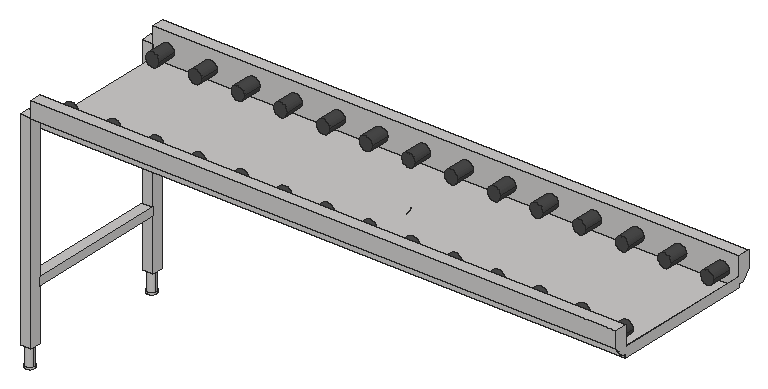
Revit family "QF_ELECTROLUXPROFESSIONAL_863008_HSSRC22", category Specialty Equipment, Revit 2018
Family settings
  Round Connector Dimension = Use Diameter
  Part Type = Normal
  Work Plane-Based = No
  Always vertical = Yes
  Cut with Voids When Loaded = No
  Shared = No
  Room Calculation Point = No
Parameters
  Weight = 0.00 kg
  Watts = 0 W
  Volts = 0 V
  URL Manufacturer = "http://professional.electrolux.com/"
  URL = "http://professional.electrolux.com/"
  Steam Supply Size = 0 mm
  Steam Supply Minimum Pressure = 0.0 Pa
  Steam Supply Maximum Pressure = 0.0 Pa
  Steam Pounds per Hour = 0
  Refrigeration Suction Line Size = 0 mm
  Refrigeration Liquid Line Size = 0 mm
  Refrigerant Compressor Remote = yes
  Manufacturer = "Electrolux"
  Phase = 0
  Model = "HSSRC22"
  Length Actual = 2200 mm  # constant formula
  Item Number = "863008"
  Hot Water Size = 0 mm
  Height Actual = 910 mm  # constant formula
  HP = "0 HP"
  Gas Size = 0 mm
  Gas KW = 0
  Gas Input Pressure = 0 W
  Description = "CONVEYOR, SHORT ROLLERS, L=2200 MM"
  Depth Actual = 620 mm  # constant formula
  Cycle = 0 Hz
  Condensate Return Size = 0 mm
  Compressed Air Volume = 0.0 L/s
  Compressed Air Size = 0 mm
  Compressed Air Pressure = 0.0 Pa
  Cold Water Size = 0 mm
  Accessory = yes
Reference planes
  plane 1 "Centro (Fronte/Retro)": y = 74.737
  plane 2: z = 0
  plane 3 "LEFT": x = -1038.761
  plane 4 "BACK": y = 384.737
  plane 5 "FRONT": y = -235.263
  plane 6: z = 910
  plane 7 "RIGHT": x = 1161.239
  plane 8: x = 91.239
Forms (mm)
  Extrusion 1, solid, material "QF_Finishes_Stainless Steel"
    sketch origin (0, 74.737, 0) x (1, 0, 0) y (0, 0, 1)
      loop
        line (-1079.929, 300) -> (-1079.929, 270) -> (-1039.929, 270) -> (-1039.929, 300) -> (-1079.929, 300)
    from -266.504 to 266.46
  Extrusion 2, solid, material "QF_Finishes_Stainless Steel"
    sketch origin (11.239, 0, 0) x (0, 1, 0) y (0, 0, 1)
      loop
        line (-235.263, 910) -> (-235.263, 850.033) -> (-190.242, 850.033) -> (-190.242, 910) -> (-235.263, 910)
      loop
        line (384.737, 910) -> (339.716, 910) -> (339.716, 850.033) -> (384.737, 850.033) -> (384.737, 910)
    from -1050 to 1148.8
  Extrusion 3, solid, material "QF_Finishes_Stainless Steel"
    sketch origin (11.239, 0, 0) x (0, 1, 0) y (0, 0, 1)
      loop
        line (-191.727, 850.033) -> (-191.727, 800.081) -> (341.245, 800.081) -> (341.245, 850.033) -> (339.716, 850.033) -> (339.716, 803.081) -> (-190.242, 803.081) -> (-190.242, 850.033) -> (-191.727, 850.033)
    from -1050 to 1148.8
  Extrusion 4, solid, material "QF_Finishes_Stainless Steel"
    sketch origin (2661.239, 723.253, 4000) x (0, 1, 0) y (0, 0, 1)
      loop
        line (-958.516, -3090) -> (-958.516, -3149.967) -> (-934.752, -3185.632) -> (-915.4, -3185.632) -> (-915.4, -3199.919) -> (-381.633, -3199.919) -> (-381.633, -3185.632) -> (-362.281, -3185.632) -> (-338.516, -3149.967) -> (-338.516, -3090) -> (-383.538, -3090) -> (-383.538, -3161.926) -> (-913.495, -3161.926) -> (-913.495, -3090) -> (-958.516, -3090)
    from -1500 to -1501.2
  Revolve 5, solid, material "QF_Finishes_Stainless Steel"
    sketch origin (61.254, 0, 0) x (0, 1, 0) y (0, 0, 1)
      loop
        line (74.737, 800.081) -> (12.53, 800.081) -> (12.319, 797.4) -> (12.319, 785.476) -> (17.293, 785.476) -> (17.293, 781.772)
        arc (17.293, 781.772) -> (20.266, 773.808) -> (27.77, 769.813) r 11.998
        line (27.77, 769.813) -> (74.737, 764.085) -> (74.737, 800.081)
      axis (74.737, 764.085) -> (74.737, 800.081)
    angle from 0 to 360
  Revolve 6, solid, material "QF_Finishes_Stainless Steel"
    sketch origin (91.254, -1524, 744.096) x (0, 0, 1) y (0, -1, 0)
      loop
        line (13.017, -1619.713) -> (30, -1619.713) -> (30, -1598.737) -> (0, -1598.737) -> (0, -1619.713) -> (2.434, -1622.253) -> (10.477, -1622.253) -> (13.017, -1619.713)
      axis (0, -1598.737) -> (30, -1598.737)
    angle from 0 to 360
  Extrusion 7, solid, material "QF_Finishes_Black"
    sketch origin (0, 74.737, 0) x (1, 0, 0) y (0, 0, 1)
      loop
        circle (-980.637, 850.115) r 25
      loop
        circle (-820.339, 850.115) r 25
      loop
        circle (-660.041, 850.115) r 25
      loop
        circle (-499.743, 850.115) r 25
      loop
        circle (-339.445, 850.115) r 25
      loop
        circle (141.45, 850.115) r 25
      loop
        circle (301.748, 850.115) r 25
      loop
        circle (622.345, 850.115) r 25
      loop
        circle (462.046, 850.115) r 25
      loop
        circle (1103.239, 850.115) r 25
      loop
        circle (782.643, 850.115) r 25
      loop
        circle (942.941, 850.115) r 25
      loop
        circle (-179.146, 850.115) r 25
      loop
        circle (-18.848, 850.115) r 25
    from 190.58 to 260.534
  Extrusion 8, solid, material "QF_Finishes_Black"
    sketch origin (0, 74.737, 0) x (1, 0, 0) y (0, 0, -1)
      loop
        circle (-980.637, -850.115) r 25
      loop
        circle (-820.339, -850.115) r 25
      loop
        circle (-660.041, -850.115) r 25
      loop
        circle (-499.743, -850.115) r 25
      loop
        circle (-339.445, -850.115) r 25
      loop
        circle (141.45, -850.115) r 25
      loop
        circle (301.748, -850.115) r 25
      loop
        circle (622.345, -850.115) r 25
      loop
        circle (462.046, -850.115) r 25
      loop
        circle (1103.239, -850.115) r 25
      loop
        circle (782.643, -850.115) r 25
      loop
        circle (942.941, -850.115) r 25
      loop
        circle (-179.146, -850.115) r 25
      loop
        circle (-18.848, -850.115) r 25
    from 190.58 to 260.534
Cuts and joins
  joined: Extrusion 2, Extrusion 3
Lines and regions (mm)
  Split face 1
    outline origin (2108.239, 339.716, 803.081) x (-1, 0, 0) y (0, -1, 0)
      loop
        circle (2047, 264.904) r 3.016
  Split face 2
    outline origin (2108.239, 339.716, 803.081) x (-1, 0, 0) y (0, -1, 0)
      loop
        circle (2047, 264.904) r 52.991
  Split face 3
    outline origin (2108.239, 339.716, 803.081) x (-1, 0, 0) y (0, -1, 0)
      loop
        circle (2047, 264.904) r 36.015
  Split face 4
    outline origin (2108.239, 339.716, 803.081) x (-1, 0, 0) y (0, -1, 0)
      loop
        circle (2047, 264.904) r 26.027
  Split face 5
    outline origin (2108.239, 339.716, 803.081) x (-1, 0, 0) y (0, -1, 0)
      loop
        circle (2047, 264.904) r 9.056
  Masking region 1
    outline origin (0, 0, 0) x (1, 0, 0) y (0, 1, 0)
      loop
        line (-1038.761, 384.737) -> (-1038.761, -235.263) -> (1161.239, -235.263) -> (1161.239, 384.737) -> (-1038.761, 384.737)
  symbolic lines
    curve 1: line (1161.239, 384.737, 0) -> (-1038.761, 384.737, 0)
    curve 2: line (-1038.761, 384.737, 0) -> (-1038.761, -235.263, 0)
    curve 3: line (-1038.761, 339.716, 0) -> (1161.239, 339.716, 0)
    curve 4: line (-1038.761, -235.263, 0) -> (1161.239, -235.263, 0)
    curve 5: line (1161.239, -235.263, 0) -> (1161.239, 384.737, 0)
    curve 6: line (1161.239, -190.242, 0) -> (-1038.761, -190.242, 0)
    curve 7: line (1161.239, 74.737, 0) -> (1131.239, 74.737, 0)
    curve 8: line (-1038.761, 74.737, 0) -> (-1008.761, 74.737, 0)
    curve 9: arc (61.315, 12.319, 0) -> (-1.104, 74.737, 0) -> (61.315, 137.156, 0) r 62.418
    curve 10: arc (61.315, 137.156, 0) -> (123.733, 74.737, 0) -> (61.315, 12.319, 0) r 62.418
    curve 11: arc (91.315, 95.713, 0) -> (70.338, 74.737, 0) -> (91.315, 53.761, 0) r 20.976
    curve 12: arc (91.315, 53.761, 0) -> (112.291, 74.737, 0) -> (91.315, 95.713, 0) r 20.976
    curve 13: line (-955.637, -115.842, 0) -> (-1005.637, -115.842, 0)
    curve 14: line (-1005.637, -115.842, 0) -> (-1005.637, -185.797, 0)
    curve 15: line (-1005.637, -185.797, 0) -> (-955.637, -185.797, 0)
    curve 16: line (-955.637, -185.797, 0) -> (-955.637, -115.842, 0)
    curve 17: line (487.046, -115.842, 0) -> (437.046, -115.842, 0)
    curve 18: line (437.046, -115.842, 0) -> (437.046, -185.797, 0)
    curve 19: line (437.046, -185.797, 0) -> (487.046, -185.797, 0)
    curve 20: line (487.046, -185.797, 0) -> (487.046, -115.842, 0)
    curve 21: line (-845.339, -115.842, 0) -> (-795.339, -115.842, 0)
    curve 22: line (-795.339, -115.842, 0) -> (-795.339, -185.797, 0)
    curve 23: line (-795.339, -185.797, 0) -> (-845.339, -185.797, 0)
    curve 24: line (-845.339, -185.797, 0) -> (-845.339, -115.842, 0)
    curve 25: line (-635.041, -115.842, 0) -> (-685.041, -115.842, 0)
    curve 26: line (-685.041, -115.842, 0) -> (-685.041, -185.797, 0)
    curve 27: line (-685.041, -185.797, 0) -> (-635.041, -185.797, 0)
    curve 28: line (-635.041, -185.797, 0) -> (-635.041, -115.842, 0)
    curve 29: line (-474.743, -115.842, 0) -> (-524.743, -115.842, 0)
    curve 30: line (-524.743, -115.842, 0) -> (-524.743, -185.797, 0)
    curve 31: line (-524.743, -185.797, 0) -> (-474.743, -185.797, 0)
    curve 32: line (-474.743, -185.797, 0) -> (-474.743, -115.842, 0)
    curve 33: line (-314.445, -115.842, 0) -> (-364.445, -115.842, 0)
    curve 34: line (-364.445, -115.842, 0) -> (-364.445, -185.797, 0)
    curve 35: line (-364.445, -185.797, 0) -> (-314.445, -185.797, 0)
    curve 36: line (-314.445, -185.797, 0) -> (-314.445, -115.842, 0)
    curve 37: line (-154.146, -115.842, 0) -> (-204.146, -115.842, 0)
    curve 38: line (-204.146, -115.842, 0) -> (-204.146, -185.797, 0)
    curve 39: line (-204.146, -185.797, 0) -> (-154.146, -185.797, 0)
    curve 40: line (-154.146, -185.797, 0) -> (-154.146, -115.842, 0)
    curve 41: line (6.152, -115.842, 0) -> (-43.848, -115.842, 0)
    curve 42: line (-43.848, -115.842, 0) -> (-43.848, -185.797, 0)
    curve 43: line (-43.848, -185.797, 0) -> (6.152, -185.797, 0)
    curve 44: line (6.152, -185.797, 0) -> (6.152, -115.842, 0)
    curve 45: line (166.45, -115.842, 0) -> (116.45, -115.842, 0)
    curve 46: line (116.45, -115.842, 0) -> (116.45, -185.797, 0)
    curve 47: line (116.45, -185.797, 0) -> (166.45, -185.797, 0)
    curve 48: line (166.45, -185.797, 0) -> (166.45, -115.842, 0)
    curve 49: line (326.748, -115.842, 0) -> (276.748, -115.842, 0)
    curve 50: line (276.748, -115.842, 0) -> (276.748, -185.797, 0)
    curve 51: line (276.748, -185.797, 0) -> (326.748, -185.797, 0)
    curve 52: line (326.748, -185.797, 0) -> (326.748, -115.842, 0)
    curve 53: line (1128.239, -115.842, 0) -> (1078.239, -115.842, 0)
    curve 54: line (1078.239, -115.842, 0) -> (1078.239, -185.797, 0)
    curve 55: line (1078.239, -185.797, 0) -> (1128.239, -185.797, 0)
    curve 56: line (1128.239, -185.797, 0) -> (1128.239, -115.842, 0)
    curve 57: line (647.345, -115.842, 0) -> (597.345, -115.842, 0)
    curve 58: line (597.345, -115.842, 0) -> (597.345, -185.797, 0)
    curve 59: line (597.345, -185.797, 0) -> (647.345, -185.797, 0)
    curve 60: line (647.345, -185.797, 0) -> (647.345, -115.842, 0)
    curve 61: line (807.643, -115.842, 0) -> (757.643, -115.842, 0)
    curve 62: line (757.643, -115.842, 0) -> (757.643, -185.797, 0)
    curve 63: line (757.643, -185.797, 0) -> (807.643, -185.797, 0)
    curve 64: line (807.643, -185.797, 0) -> (807.643, -115.842, 0)
    curve 65: line (967.941, -115.842, 0) -> (917.941, -115.842, 0)
    curve 66: line (917.941, -115.842, 0) -> (917.941, -185.797, 0)
    curve 67: line (917.941, -185.797, 0) -> (967.941, -185.797, 0)
    curve 68: line (967.941, -185.797, 0) -> (967.941, -115.842, 0)
    curve 69: line (-955.637, 265.317, 0) -> (-1005.637, 265.317, 0)
    curve 70: line (-1005.637, 265.317, 0) -> (-1005.637, 335.271, 0)
    curve 71: line (-1005.637, 335.271, 0) -> (-955.637, 335.271, 0)
    curve 72: line (-955.637, 335.271, 0) -> (-955.637, 265.317, 0)
    curve 73: line (487.046, 265.317, 0) -> (437.046, 265.317, 0)
    curve 74: line (437.046, 265.317, 0) -> (437.046, 335.271, 0)
    curve 75: line (437.046, 335.271, 0) -> (487.046, 335.271, 0)
    curve 76: line (487.046, 335.271, 0) -> (487.046, 265.317, 0)
    curve 77: line (-845.339, 265.317, 0) -> (-795.339, 265.317, 0)
    curve 78: line (-795.339, 265.317, 0) -> (-795.339, 335.271, 0)
    curve 79: line (-795.339, 335.271, 0) -> (-845.339, 335.271, 0)
    curve 80: line (-845.339, 335.271, 0) -> (-845.339, 265.317, 0)
    curve 81: line (-635.041, 265.317, 0) -> (-685.041, 265.317, 0)
    curve 82: line (-685.041, 265.317, 0) -> (-685.041, 335.271, 0)
    curve 83: line (-685.041, 335.271, 0) -> (-635.041, 335.271, 0)
    curve 84: line (-635.041, 335.271, 0) -> (-635.041, 265.317, 0)
    curve 85: line (-474.743, 265.317, 0) -> (-524.743, 265.317, 0)
    curve 86: line (-524.743, 265.317, 0) -> (-524.743, 335.271, 0)
    curve 87: line (-524.743, 335.271, 0) -> (-474.743, 335.271, 0)
    curve 88: line (-474.743, 335.271, 0) -> (-474.743, 265.317, 0)
    curve 89: line (-314.445, 265.317, 0) -> (-364.445, 265.317, 0)
    curve 90: line (-364.445, 265.317, 0) -> (-364.445, 335.271, 0)
    curve 91: line (-364.445, 335.271, 0) -> (-314.445, 335.271, 0)
    curve 92: line (-314.445, 335.271, 0) -> (-314.445, 265.317, 0)
    curve 93: line (-154.146, 265.317, 0) -> (-204.146, 265.317, 0)
    curve 94: line (-204.146, 265.317, 0) -> (-204.146, 335.271, 0)
    curve 95: line (-204.146, 335.271, 0) -> (-154.146, 335.271, 0)
    curve 96: line (-154.146, 335.271, 0) -> (-154.146, 265.317, 0)
    curve 97: line (6.152, 265.317, 0) -> (-43.848, 265.317, 0)
    curve 98: line (-43.848, 265.317, 0) -> (-43.848, 335.271, 0)
    curve 99: line (-43.848, 335.271, 0) -> (6.152, 335.271, 0)
    curve 100: line (6.152, 335.271, 0) -> (6.152, 265.317, 0)
    curve 101: line (166.45, 265.317, 0) -> (116.45, 265.317, 0)
    curve 102: line (116.45, 265.317, 0) -> (116.45, 335.271, 0)
    curve 103: line (116.45, 335.271, 0) -> (166.45, 335.271, 0)
    curve 104: line (166.45, 335.271, 0) -> (166.45, 265.317, 0)
    curve 105: line (326.748, 265.317, 0) -> (276.748, 265.317, 0)
    curve 106: line (276.748, 265.317, 0) -> (276.748, 335.271, 0)
    curve 107: line (276.748, 335.271, 0) -> (326.748, 335.271, 0)
    curve 108: line (326.748, 335.271, 0) -> (326.748, 265.317, 0)
    curve 109: line (1128.239, 265.317, 0) -> (1078.239, 265.317, 0)
    curve 110: line (1078.239, 265.317, 0) -> (1078.239, 335.271, 0)
    curve 111: line (1078.239, 335.271, 0) -> (1128.239, 335.271, 0)
    curve 112: line (1128.239, 335.271, 0) -> (1128.239, 265.317, 0)
    curve 113: line (647.345, 265.317, 0) -> (597.345, 265.317, 0)
    curve 114: line (597.345, 265.317, 0) -> (597.345, 335.271, 0)
    curve 115: line (597.345, 335.271, 0) -> (647.345, 335.271, 0)
    curve 116: line (647.345, 335.271, 0) -> (647.345, 265.317, 0)
    curve 117: line (807.643, 265.317, 0) -> (757.643, 265.317, 0)
    curve 118: line (757.643, 265.317, 0) -> (757.643, 335.271, 0)
    curve 119: line (757.643, 335.271, 0) -> (807.643, 335.271, 0)
    curve 120: line (807.643, 335.271, 0) -> (807.643, 265.317, 0)
    curve 121: line (967.941, 265.317, 0) -> (917.941, 265.317, 0)
    curve 122: line (917.941, 265.317, 0) -> (917.941, 335.271, 0)
    curve 123: line (917.941, 335.271, 0) -> (967.941, 335.271, 0)
    curve 124: line (967.941, 335.271, 0) -> (967.941, 265.317, 0)
Dimensions and locks
  plane 3 "LEFT" to plane 7 "RIGHT" = 2200 mm
  equal spacing: plane 4 "BACK", plane 1 "Centro (Fronte/Retro)", plane 5 "FRONT"
  plane 4 "BACK" to plane 5 "FRONT" = 620 mm
  locked: Extrusion 7 sketch curve to plane 3 "LEFT" at 58.124
  locked: plane 7 "RIGHT" to Extrusion 7 sketch curve at 58
  aligned and locked: level to plane 2
  aligned and locked: Extrusion 2 to Extrusion 3
Automatic sketch dimensions
  curve 9 to curve 10 = 0 mm  (x2)
  curve 11 to curve 12 = 0 mm  (x2)
  curve 1 to plane 3 "LEFT" = 0 mm
  plane 1 "Centro (Fronte/Retro)" to curve 8 = 0 mm
  plane 1 "Centro (Fronte/Retro)" to curve 9 = 0 mm
  plane 1 "Centro (Fronte/Retro)" to curve 12 = 0 mm
  plane 1 "Centro (Fronte/Retro)" to curve 7 = 0 mm
  curve 6 to plane 7 "RIGHT" = 0 mm
  curve 4 to plane 5 "FRONT" = 0 mm
  curve 2 to plane 4 "BACK" = 0 mm
  plane 3 "LEFT" to curve 15 = 33.124 mm
  plane 3 "LEFT" to curve 70 = 33.124 mm
  curve 69 to curve 72 = 50 mm
  curve 13 to curve 16 = 50 mm
  plane 5 "FRONT" to curve 24 = 49.466 mm
  curve 15 to curve 24 = 110.298 mm
  curve 79 to plane 4 "BACK" = 49.466 mm
  curve 71 to curve 79 = 110.298 mm
  curve 79 to curve 79 = 50 mm
  curve 23 to curve 22 = 50 mm
  plane 5 "FRONT" to curve 27 = 49.466 mm
  curve 22 to curve 27 = 110.298 mm
  curve 77 to curve 81 = 110.298 mm
  curve 81 to curve 84 = 50 mm
  curve 26 to curve 27 = 50 mm
  curve 81 to curve 86 = 110.298 mm
  plane 5 "FRONT" to curve 31 = 49.466 mm
  curve 27 to curve 31 = 110.298 mm
  curve 30 to curve 31 = 50 mm
  curve 86 to curve 87 = 50 mm
  plane 5 "FRONT" to curve 35 = 49.466 mm
  curve 31 to curve 35 = 110.298 mm
  curve 91 to plane 4 "BACK" = 49.466 mm
  curve 87 to curve 91 = 110.298 mm
  curve 33 to curve 36 = 50 mm
  curve 90 to curve 92 = 50 mm
  plane 5 "FRONT" to curve 38 = 49.466 mm
  curve 35 to curve 38 = 110.298 mm
  curve 95 to plane 4 "BACK" = 49.466 mm
  curve 91 to curve 95 = 110.298 mm
  curve 38 to curve 40 = 50 mm
  curve 93 to curve 93 = 50 mm
  curve 93 to curve 97 = 110.298 mm
  curve 37 to curve 42 = 110.298 mm
  curve 41 to curve 44 = 50 mm
  curve 98 to curve 99 = 50 mm
  curve 9 to plane 8 = 29.924 mm
  plane 8 to curve 12 = 0.076 mm
  plane 8 to curve 46 = 25.211 mm
  plane 8 to curve 103 = 25.211 mm
  curve 101 to curve 101 = 50 mm
  curve 46 to curve 48 = 50 mm
  plane 5 "FRONT" to curve 50 = 49.466 mm
  curve 47 to curve 50 = 110.298 mm
  curve 106 to plane 4 "BACK" = 49.466 mm
  curve 103 to curve 106 = 110.298 mm
  curve 106 to curve 107 = 50 mm
  curve 50 to curve 51 = 50 mm
  curve 105 to curve 74 = 110.298 mm
  curve 49 to curve 17 = 110.298 mm
  curve 18 to curve 20 = 50 mm
  curve 73 to curve 73 = 50 mm
  plane 5 "FRONT" to curve 59 = 49.466 mm
  curve 19 to curve 59 = 110.298 mm
  curve 73 to curve 114 = 110.298 mm
  curve 58 to curve 60 = 50 mm
  curve 114 to curve 115 = 50 mm
  curve 113 to curve 118 = 110.298 mm
  curve 57 to curve 61 = 110.298 mm
  curve 117 to curve 120 = 50 mm
  curve 61 to curve 61 = 50 mm
  curve 123 to plane 4 "BACK" = 49.466 mm
  curve 119 to curve 123 = 110.298 mm
  curve 61 to curve 65 = 110.298 mm
  curve 66 to curve 68 = 50 mm
  curve 121 to curve 124 = 50 mm
  curve 54 to plane 7 "RIGHT" = 83 mm
  curve 111 to plane 7 "RIGHT" = 83 mm
  curve 56 to plane 7 "RIGHT" = 33 mm
  curve 111 to plane 7 "RIGHT" = 33 mm
  plane 5 "FRONT" to curve 67 = 49.466 mm
  plane 5 "FRONT" to curve 55 = 49.466 mm
  plane 5 "FRONT" to curve 64 = 49.466 mm
  plane 5 "FRONT" to curve 48 = 49.466 mm
  plane 5 "FRONT" to curve 44 = 49.466 mm
  plane 5 "FRONT" to curve 14 = 49.466 mm
  plane 5 "FRONT" to curve 18 = 49.466 mm
  curve 30 to curve 30 = 69.954 mm
  curve 27 to curve 28 = 69.954 mm
  curve 35 to curve 33 = 69.954 mm
  curve 23 to curve 24 = 69.954 mm
  curve 39 to curve 37 = 69.954 mm
  curve 19 to curve 20 = 69.954 mm
  curve 43 to curve 41 = 69.954 mm
  curve 15 to curve 16 = 69.954 mm
  curve 47 to curve 45 = 69.954 mm
  curve 58 to curve 57 = 69.954 mm
  curve 51 to curve 49 = 69.954 mm
  curve 63 to curve 61 = 69.954 mm
  curve 55 to curve 53 = 69.954 mm
  curve 67 to curve 65 = 69.954 mm
  curve 124 to curve 123 = 69.954 mm
  curve 120 to curve 121 = 0 mm
  curve 69 to plane 4 "BACK" = 119.42 mm
  curve 116 to curve 117 = 0 mm
  curve 73 to curve 113 = 0 mm
  curve 112 to plane 4 "BACK" = 119.42 mm
  curve 77 to curve 79 = 69.954 mm
  curve 108 to curve 107 = 69.954 mm
  curve 81 to plane 4 "BACK" = 119.42 mm
  curve 104 to curve 105 = 0 mm
  curve 85 to plane 4 "BACK" = 119.42 mm
  curve 100 to curve 101 = 0 mm
  curve 89 to curve 91 = 69.954 mm
  curve 96 to curve 95 = 69.954 mm
  curve 88 to plane 4 "BACK" = 49.466 mm
  curve 98 to plane 4 "BACK" = 49.466 mm
  curve 84 to plane 4 "BACK" = 49.466 mm
  curve 102 to plane 4 "BACK" = 49.466 mm
  curve 76 to plane 4 "BACK" = 49.466 mm
  curve 110 to plane 4 "BACK" = 49.466 mm
  curve 72 to plane 4 "BACK" = 49.466 mm
  curve 114 to plane 4 "BACK" = 49.466 mm
  curve 118 to plane 4 "BACK" = 49.466 mm
  curve 8 to curve 8 = 30 mm
  curve 7 to plane 7 "RIGHT" = 30 mm
  curve 6 to curve 55 = 4.445 mm
  curve 9 to curve 9 = 62.418 mm
  curve 11 to curve 11 = 20.976 mm
  curve 70 to curve 3 = 4.445 mm
  Extrusion 1 sketch curve to plane 3 "LEFT" = 41.168 mm
  Extrusion 1 sketch curve to plane 3 "LEFT" = 1.168 mm
  level to Extrusion 1 sketch curve = 270 mm
  Extrusion 1 sketch curve to Extrusion 1 sketch curve = 30 mm
  Extrusion 2 sketch curve to plane 5 "FRONT" = 0 mm
  Extrusion 2 sketch curve to plane 6 = 0 mm  (x2)
  Extrusion 2 sketch curve to plane 4 "BACK" = 0 mm
  plane 5 "FRONT" to Extrusion 2 sketch curve = 45.021 mm
  Extrusion 2 sketch curve to plane 4 "BACK" = 45.021 mm
  Extrusion 2 sketch curve to Extrusion 2 sketch curve = 59.967 mm  (x2)
  plane 5 "FRONT" to Extrusion 3 sketch curve = 43.536 mm
  Extrusion 3 sketch curve to Extrusion 3 sketch curve = 1.486 mm
  Extrusion 3 sketch curve to plane 4 "BACK" = 45.021 mm
  Extrusion 3 sketch curve to Extrusion 3 sketch curve = 1.529 mm
  Extrusion 3 sketch curve to plane 6 = 109.919 mm
  Extrusion 3 sketch curve to Extrusion 3 sketch curve = 3 mm
  Extrusion 3 sketch curve to Extrusion 3 sketch curve = 46.952 mm  (x2)
  cut or joined group of Extrusion 2, Extrusion 3 to Split face 1 sketch curve = 264.904 mm
  Split face 1 sketch curve to cut or joined group of Extrusion 2, Extrusion 3 = 1098.8 mm
  cut or joined group of Extrusion 2, Extrusion 3 to Split face 2 sketch curve = 264.904 mm
  Split face 2 sketch curve to cut or joined group of Extrusion 2, Extrusion 3 = 1098.8 mm
  cut or joined group of Extrusion 2, Extrusion 3 to Split face 3 sketch curve = 264.904 mm
  Split face 3 sketch curve to cut or joined group of Extrusion 2, Extrusion 3 = 1098.8 mm
  cut or joined group of Extrusion 2, Extrusion 3 to Split face 4 sketch curve = 264.904 mm
  Split face 4 sketch curve to cut or joined group of Extrusion 2, Extrusion 3 = 1098.8 mm
  cut or joined group of Extrusion 2, Extrusion 3 to Split face 5 sketch curve = 264.904 mm
  Split face 5 sketch curve to cut or joined group of Extrusion 2, Extrusion 3 = 1098.8 mm
  Masking region 1 sketch curve to plane 3 "LEFT" = 0 mm
  Masking region 1 sketch curve to plane 5 "FRONT" = 0 mm
  Masking region 1 sketch curve to plane 7 "RIGHT" = 0 mm
  Masking region 1 sketch curve to plane 4 "BACK" = 0 mm
  Extrusion 4 sketch curve to plane 5 "FRONT" = 0 mm
  Extrusion 4 sketch curve to plane 6 = 0 mm  (x2)
  Extrusion 4 sketch curve to plane 4 "BACK" = 0 mm
  plane 5 "FRONT" to Extrusion 4 sketch curve = 23.764 mm
  Extrusion 4 sketch curve to Extrusion 4 sketch curve = 19.352 mm  (x2)
  plane 5 "FRONT" to Extrusion 4 sketch curve = 45.021 mm
  Extrusion 4 sketch curve to plane 4 "BACK" = 45.021 mm
  Extrusion 4 sketch curve to Extrusion 4 sketch curve = 1.905 mm
  Extrusion 4 sketch curve to Extrusion 4 sketch curve = 59.967 mm  (x2)
  Extrusion 4 sketch curve to Extrusion 4 sketch curve = 11.959 mm
  Extrusion 4 sketch curve to Extrusion 4 sketch curve = 23.706 mm  (x2)
  Extrusion 4 sketch curve to Extrusion 4 sketch curve = 14.287 mm
  Revolve 5 sketch curve to plane 1 "Centro (Fronte/Retro)" = 0 mm  (x2)
  plane 1 "Centro (Fronte/Retro)" to Revolve 5 sketch curve = 45.447 mm
  Revolve 5 sketch curve to Revolve 5 sketch curve = 1.52 mm
  Revolve 5 sketch curve to Revolve 5 sketch curve = 11.998 mm
  Revolve 5 sketch curve to Revolve 5 sketch curve = 4.762 mm
  Revolve 5 sketch curve to Revolve 5 sketch curve = 4.974 mm
  Revolve 5 sketch curve to plane 6 = 145.915 mm
  Revolve 5 sketch curve to Revolve 5 sketch curve = 5.727 mm
  Revolve 5 sketch curve to Revolve 5 sketch curve = 11.901 mm
  Revolve 5 sketch curve to Revolve 5 sketch curve = 3.704 mm
  Revolve 5 sketch curve to Revolve 5 sketch curve = 11.924 mm
  Revolve 5 sketch curve to Revolve 5 sketch curve = 2.681 mm
  Revolve 5 sketch curve to Revolve 5 sketch curve = 3 mm
  Revolve 5 sketch curve to Revolve 5 sketch curve = 14.991 mm
  Revolve 6 sketch curve to plane 1 "Centro (Fronte/Retro)" = 0 mm  (x2)
  Revolve 6 sketch curve to plane 1 "Centro (Fronte/Retro)" = 20.976 mm
  Revolve 6 sketch curve to plane 6 = 165.904 mm
  Revolve 6 sketch curve to plane 1 "Centro (Fronte/Retro)" = 23.516 mm
  Revolve 6 sketch curve to Revolve 6 sketch curve = 2.434 mm
  Revolve 6 sketch curve to Revolve 6 sketch curve = 8.043 mm
  Revolve 6 sketch curve to Revolve 6 sketch curve = 2.54 mm  (x2)
  Revolve 6 sketch curve to Revolve 6 sketch curve = 16.983 mm
  Revolve 6 sketch curve to Revolve 6 sketch curve = 3.127 mm
  Revolve 6 sketch curve to Revolve 6 sketch curve = 7.343 mm
  Extrusion 7 sketch curve to plane 6 = 59.885 mm  (x14)
  Extrusion 7 sketch curve to Extrusion 7 sketch curve = 160.298 mm  (x10)
  Extrusion 7 sketch curve to plane 8 = 110.087 mm
  plane 8 to Extrusion 7 sketch curve = 50.211 mm
  plane 3 "LEFT" to Extrusion 8 sketch curve = 58.124 mm
  Extrusion 8 sketch curve to plane 6 = 59.885 mm  (x14)
  Extrusion 8 sketch curve to Extrusion 8 sketch curve = 160.298 mm  (x10)
  Extrusion 8 sketch curve to plane 8 = 110.087 mm
  plane 8 to Extrusion 8 sketch curve = 50.211 mm
  Extrusion 8 sketch curve to plane 7 "RIGHT" = 58 mm
  radius of Split face 1 sketch curve = 3.016 mm
  radius of Split face 2 sketch curve = 52.991 mm
  radius of Split face 3 sketch curve = 36.015 mm
  radius of Split face 4 sketch curve = 26.027 mm
  radius of Split face 5 sketch curve = 9.056 mm
  radius of Extrusion 7 sketch curve = 25 mm  (x14)
  radius of Extrusion 8 sketch curve = 25 mm  (x14)
Nested families
  nested 1: "Foot_40x40" at (-1059.929, -211.771, 0), type "Foot_40x40"
    with A 850.033 mm
  nested 2: "Foot_40x40" at (-1059.929, 361.245, 0), type "Foot_40x40"
    with A 850.033 mm
Connectors
  piping at (91.254, 74.737, 744.096), diameter 30
    settings: on Revolve 6, index 5, connector inside diameter 609.6 mm, connector length 0 mm, flow factor 0, pipe flow 0.0 L/s, pressure drop 0.0 Pa, fitting loss kfactor 0, connector angle 0.00°, fixture units 0, engagement length 0 mm, angle of deflection 0.00°, flow configuration 1, flow direction 2, fitting loss method 0, system type 16, joint type 0, gender type 0, connector reference index -1, connector utility 0, adjustable connector no, is connector primary yes, connector description ""
Definition of nested family "Foot_40x40"
  Parameters
    A [instance] = 850 mm
  Reference planes
    plane 1 "Centro (Fronte/Retro)": y = 0
    plane 2: z = 0
    plane 3 "Centro (Sinistra/Destra)": x = 0
    plane 4: z = 850
  Forms (mm)
    Extrusion 1, solid
      sketch origin (0, 0, 0) x (1, 0, 0) y (0, 1, 0)
        loop
          circle (0, 0) r 18
      from 0 to 5
    Extrusion 2, solid
      sketch origin (0, 0, 5) x (1, 0, 0) y (0, 1, 0)
        loop
          circle (0, 0) r 15
      from 0 to 70
    Extrusion 3, solid
      sketch origin (0, 0, 75) x (1, 0, 0) y (0, 1, 0)
        loop
          line (-20, 20) -> (-20, -20) -> (20, -20) -> (20, 20) -> (-20, 20)
      from 0 to 775
  Dimensions and locks
    "A": plane 4 to plane 2
    aligned and locked: level to plane 2
    aligned and locked: plane 4 to Extrusion 3
    aligned and locked: Extrusion 1 to level
  Automatic sketch dimensions
    plane 1 "Centro (Fronte/Retro)" to Extrusion 1 sketch curve = 0 mm
    Extrusion 1 sketch curve to plane 3 "Centro (Sinistra/Destra)" = 0 mm
    Extrusion 3 sketch curve to Extrusion 3 sketch curve = 40 mm  (x2)
    radius of Extrusion 1 sketch curve = 18 mm
    radius of Extrusion 2 sketch curve to Extrusion 1 = 3 mm
